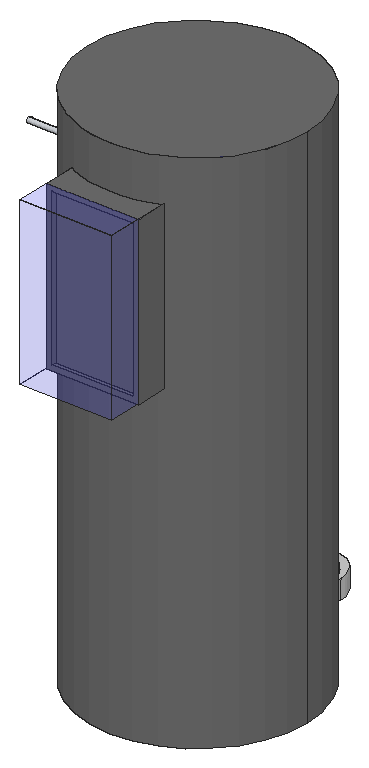
Revit family "REVIT-CONQ OUTDOOR 40-80-130", category Mechanical Equipment, Revit 2017
Family settings
  Round Connector Dimension = Use Radius
  Part Type = Normal
  OmniClass Number = 23.75.00.00
  OmniClass Title = Climate Control (HVAC)
  Work Plane-Based = No
  Always vertical = No
  Cut with Voids When Loaded = No
  Shared = No
  Room Calculation Point = No
Parameters (values of type "Conquest Condensing 40 L 130A-GCLMW")
  Weight Units = "lbs."
  OperatingWeight = "1800"
  Voltage = "120 V"
  Version = "1.0"
  URL = "www.pvi.com"
  TankRadius = TankDiameter / 2  # 16 13/16"
  TankHeight = 81"
  TankDiameter = 33 5/8"
  Storage Capacity = 3.6812 m³
  ReliefValveRadius = ReliefValve / 2  # 1/2"
  ReliefValveHeight = 61 3/4"
  ReliefValve = 1"
  Piping Material = Copper Pipe
  Phone Number = "(800) 784-8326"
  OmniClass Title = "Storage Water Heater"
  OmniClass Code = "23.65.35.11.11"
  Number of Poles = 1
  Normal = 90.00°
  Modeling Code = "ABO090507TAS1507ABC0905"
  Model Name [instance] = "Conquest Condensing 40 L 130A-GCLMW"
  Model = "40 L 130A-GCLMW"
  Mininum Flow Gas Pressure [instance] = "3.5\" W.C."
  Tank Casing = none
  Maximum Static Pressure = "14.0\" W.C."
  Manufacturer = "PVI Industries, LLC"
  Input Btu/h = 399000 Btu/h
  HotWaterOutletRadius = HotWaterOutlet / 2  # 1"
  HotWaterOutlet = 2"
  HotWaterCenterOffset = 10 1/4"
  HotWaterOutletLength = TankHeight + 1"  # 82"
  GasConnectionRadius = GasConnection / 2  # 3/8"
  GasConnectionToFront = 9 1/4"
  GasConnectionHeight = 74 3/8"
  GasConnectionExtension = 18 3/8"
  GasConnection = 3/4"
  GPH Recovery Rate at 70F to 140F = 657
  GPH Recovery Rate at 40F to 140F = 471
  Frequency = "60.00 Hz"
  FlueConnectionWallRadius = FlueConnectionRadius - 1/4"  # 3 1/16"
  FlueConnectionRadius = FlueConnection / 2  # 3 5/16"
  FlueConnection = 6 5/8"
  FlueBoxWidth = 9 1/2"
  FlueBoxConnectCenter = 21 1/2"
  EnclosureCoverExtension = TankRadius + 8 3/8"  # 25 3/16"
  ElectricalServiceConnectionRadius = 1/2"
  DrainPipeRadius = DrainValve / 2  # 1/2"
  DrainValve = 1"
  DrainHeight = 12"
  Description = "Conquest® Semi-Instantaneous Outdoor Condensing Water Heater"
  Current = "11.0 A"
  ControlPanelWidth = 14"
  ControlPanelLength = 8"
  ControlPanelHeight = 49"
  ControlEnclosureExtension = TankRadius + 3 1/4"  # 20 1/16"
  CondensateDrainCenterOffset = 6 1/8"
  CondensateDrainLengthOffset = 32"
  CondensateDrainHeight = 1 1/2"
  CondensateDrainConnectionRadius = CondensateDrain / 2  # 1/4"
  CondensateDrain = 1/2"
  HotOutletHeight = 76 3/8"
  HotOutletToRear = 0"
  BuildingReturnRadius = BuildingReturn / 2  # 1/2"
  ColdWaterReturnHeight = 46 1/2"
  ColdWaterInletRadius = ColdInlet / 2  # 1"
  ColdWaterInletExtension = TankRadius + 1"  # 17 13/16"
  ColdInlet = 2"
  ColdInletHeight = 12"
  BuildingReturnHeight = 46 1/2"
  BuildingReturnLength = TankRadius + 1"  # 17 13/16"
  BuildingReturn = 1"
  Assembly Code = "D3020100"
  Address = "Fort Worth, Texas"
Types (6): name | Model Name | Model | Input Btu/h | GasConnectionRadius | GasConnection | GPH Recovery Rate at 70F to 140F | GPH Recovery Rate at 40F to 140F
  (no name) | "Conquest Condensing 40 L 130A-GCLMW" | "40 L 130A-GCLMW" | 399000 Btu/h | 3/8" | 3/4" | 657 | 471
  Conquest Condensing 40 L 130A-GCLMW | "Conquest Condensing 40 L 130A-GCLMW" | "40 L 130A-GCLMW" | 399000 Btu/h | 3/8" | 3/4" | 657 | 471
  Conquest Condensing 50 L 130A-GCLMW | "Conquest Condensing 50 L 130A-GCLMW" | "50 L 130A-GCLMW" | 500000 Btu/h | 1/2" | 1" | 823 | 588
  Conquest Condensing 60 L 130A-GCLMW | "Conquest Condensing 60 L 130A-GCLMW" | "60 L 130A-GCLMW" | 600000 Btu/h | 1/2" | 1" | 988 | 699
  Conquest Condensing 70 L 130A-GCLMW | "Conquest Condensing 70 L 130A-GCLMW" | "70 L 130A-GCLMW" | 700000 Btu/h | 1/2" | 1" | 1152 | 815
  Conquest Condensing 80 L 130A-GCLMW | "Conquest Condensing 80 L 130A-GCLMW" | "80 L 130A-GCLMW" | 800000 Btu/h | 1/2" | 1" | 1317 | 932
Reference planes (in)
  plane 1 "Center (Front/Back)": y = 0
  plane 2: z = 0
  plane 3 "Center (Left/Right)": x = 0
  plane 4 "ReliefValveCenter": through (-13.68198, 23.60456, 48) normal (0.866, 0.5, 0)
  plane 5 "ColdWaterInletCenter": through (0.00256, 0.00444, 48) normal (-0.866, 0.5, 0)
  plane 6 "TankTop": z = 81
  plane 7 "ControlPanelHeight": z = 49
  plane 8 "FlueBoxHeight": z = 3.162
  plane 9 "CombustionAirCenter": y = 0
  plane 10: y = 0
  plane 11: y = 0
  plane 12 "BuildingReturn": z = 46.5
  plane 13 "CombustionAirHeight": z = 76.375
  plane 14: z = 0
  plane 15: z = 10
  plane 16 "CondensateDrainCenter": x = -6.125
  plane 17 "CondensateDrainHeight": z = 1.5
  plane 18: z = 3
  plane 19: z = 0
  plane 20: z = 3
  plane 21: z = 3
  plane 22: z = 0
  plane 23: z = 3
  plane 24: z = 3
  plane 25: z = 0
  plane 26: z = 3
  plane 27: z = 3
  plane 28: y = 32
  plane 29 "ControlPanelSide": x = 7
  plane 30: x = 0
  plane 31 "ControlPanelSide2": x = -7
  plane 32 "ColdWaterInletNormal": through (0.00455, 0.00033, 48) normal (0.5, 0.866, 0)
  plane 33 "ReliefValveHeight": z = 61.75
  plane 34 "ReliefValveNormal": through (0.00128, 0.00222, 48) normal (-0.5, 0.866, 0)
  plane 35: y = -20.0625
  plane 36 "ColdInletHeight": z = 12
  plane 37: z = 12
  plane 38 "GasConnectionToFront": y = -9.25
  plane 39: x = -18.375
  plane 40: z = 74.375
Forms (in)
  Extrusion 1, solid, material "Default"
    sketch origin (0, 0, 0) x (1, 0, 0) y (0, 1, 0)
      loop
        circle (0, 0.01519) r 16.8125
    from 0 to 81 <- "TankHeight"
  Extrusion 2, solid
    sketch origin (-17.39062, 0, 0) x (0, 1, 0) y (0, 0, 1)
      loop
        circle (0, 76.375) r 1
    from 0 to 17.39062
  Extrusion 3, solid, material "Default"
    sketch origin (0, 0, 3.162) x (-1, 0, 0) y (0, -1, 0)
      loop
        line (4.75, 0) -> (-4.75, 0) -> (-4.75, -21.5)
        arc (-4.75, -21.5) -> (0, -26.25) -> (4.75, -21.5) r 4.75
        line (4.75, -21.5) -> (4.75, 0)
    from 0 to 2.95313
  Extrusion 4, solid
    sketch origin (137.31116, 0, 10) x (1, 0, 0) y (0, 1, 0)
      loop
        circle (-137.31116, 21.5) r 3.3125
    from 0 to -3.88487
  Extrusion 5, solid, material "Default"
    sketch origin (0, 0, 0) x (1, 0, 0) y (0, 0, 1)
      loop
        circle (-6.125, 1.5) r 0.375
    from 0 to -32
  Extrusion 6, void
    sketch origin (0, 32, 0) x (1, 0, 0) y (0, 0, 1)
      loop
        circle (-6.125, 1.5) r 0.375
      loop
        circle (-6.125, 1.5) r 0.25
    from 0 to 1.5
  Extrusion 7, solid, material "Default"
    sketch origin (-7, 1.35792, 0) x (0, 1, 0) y (0, 0, 1)
      loop
        line (3.70458, 49) -> (3.70458, 74.37458) -> (-21.42042, 74.37458) -> (-21.42042, 49) -> (3.70458, 49)
    from 0 to 14
  Extrusion 8, solid, material "Default"
    sketch origin (0.00128, 0.00222, 0) x (-0.866025, 0.5, 0) y (0, 0, 1)
      loop
        circle (0, 12) r 1
    from 0 to 17.8125 <- "ColdWaterInletExtension"
  Extrusion 9, solid, material "Copper Pipe" <- "Piping Material"
    sketch origin (-0.00064, 0.00111, -0.14844) x (-0.866025, -0.5, 0) y (0, 0, 1)
      loop
        circle (0, 61.89844) r 0.5
    from 0 to 22.40234
  Extrusion 10, solid
    sketch origin (-0.00064, 0.00111, 0) x (-0.866025, -0.5, 0) y (0, 0, 1)
      loop
        circle (0, 12) r 0.5
    from 0 to 19.36328
  Extrusion 11, void
    sketch origin (-0.03469, 1.8679, 49) x (-1, 0, 0) y (0, -1, 0)
      loop
        circle (-0.03469, 21.1804) r 0.5
    from -0.41465 to 0
  Extrusion 12, void
    sketch origin (-7, -20.0625, 49) x (0, 0, -1) y (-1, 0, 0)
      loop
        line (-24.62458, -13.25) -> (-0.75, -13.25) -> (-0.75, -0.75) -> (-24.62458, -0.75) -> (-24.62458, -13.25)
    from 0 to 0.75
  Extrusion 13, void
    sketch origin (137.31116, 0, 10) x (0, 1, 0) y (1, 0, 0)
      loop
        circle (21.5, -137.31116) r 3.0625
    from 0 to 3.88487
  Extrusion 14, solid, material "Default"
    sketch origin (0.00064, 0.00111, 0) x (-0.866025, 0.5, 0) y (0, 0, 1)
      loop
        circle (0, 46.5) r 0.5
    from 0 to 17.81378
  Sweep 15, solid
    path in 3D
      loop
        line (0, -9.25, 74.375) -> (-18.375, -9.25, 74.375)
    profile origin (-9.1875, -9.25, 74.375) x (0, 0, -1) y (0, -1, 0)
      loop
        circle (0, 0) r 0.375
  Extrusion 16, solid
    sketch origin (0, 0, 0) x (1, 0, 0) y (0, 0, 1)
      loop
        line (7, 74.37458) -> (-7, 74.37458) -> (-7, 49) -> (7, 49) -> (7, 74.37458)
    from 0 to 25.1875
Cuts and joins
  Extrusion 13 cuts Extrusion 4
  Extrusion 6 cuts Extrusion 5
  Extrusion 12 cuts Extrusion 7
  joined: Extrusion 1, Extrusion 3, Extrusion 5, Extrusion 7, Extrusion 8, Extrusion 14
Lines and regions (in)
  model lines
    curve 1: line (0, -9.25, 74.375) -> (-18.375, -9.25, 74.375)
  sketch lines
    curve 2: line (0, -9.25, 74.375) -> (-18.375, -9.25, 74.375)
Dimensions and locks (in)
  "TankHeight": level to plane 6 "TankTop"
  "ControlPanelHeight": plane 7 "ControlPanelHeight" to level
  "BuildingReturnHeight": plane 12 "BuildingReturn" to level
  "HotOutletHeight": plane 13 "CombustionAirHeight" to level
  equal spacing: Extrusion 3 sketch curve, plane 3 "Center (Left/Right)", Extrusion 3 sketch curve
  "FlueBoxWidth": Extrusion 3 sketch curve to Extrusion 3 sketch curve
  "FlueBoxConnectCenter": plane 11 to Extrusion 3 sketch curve
  level to plane 15 = 10"
  "FlueBoxConnectCenter": plane 11 to Extrusion 4 sketch curve
  "CondensateDrainHeight": level to plane 17 "CondensateDrainHeight"
  "CondensateDrainLengthOffset": plane 11 to plane 28
  equal spacing: plane 31 "ControlPanelSide2", plane 30, plane 29 "ControlPanelSide"
  "ControlPanelWidth": plane 31 "ControlPanelSide2" to plane 29 "ControlPanelSide"
  Extrusion 7 sketch curve to Extrusion 7 sketch curve = 25 1/8"
  "ReliefValveHeight": plane 33 "ReliefValveHeight" to level
  "FlueBoxConnectCenter": plane 11 to Extrusion 13 sketch curve
  "BuildingReturnLength": plane 32 "ColdWaterInletNormal" to Extrusion 14
  "HotOutletToRear": plane 9 "CombustionAirCenter" to plane 1 "Center (Front/Back)"
  "CondensateDrainCenterOffset": plane 16 "CondensateDrainCenter" to plane 3 "Center (Left/Right)"
  plane 1 "Center (Front/Back)" to Extrusion 7 = 20 1/16"
  "ControlEnclosureExtension": plane 35 to plane 1 "Center (Front/Back)"
  "ColdInletHeight": plane 36 "ColdInletHeight" to plane 25
  "DrainHeight": plane 37 to plane 25
  "HotOutletHeight": plane 13 "CombustionAirHeight" to plane 25
  "GasConnectionToFront": plane 38 "GasConnectionToFront" to plane 1 "Center (Front/Back)"
  "GasConnectionExtension": plane 39 to plane 3 "Center (Left/Right)"
  "GasConnectionHeight": plane 40 to plane 25
  "EnclosureCoverExtension": Extrusion 16 to plane 1 "Center (Front/Back)"
  "TankRadius": radius of Extrusion 1 sketch curve
  "FlueConnectionRadius": radius of Extrusion 4 sketch curve
  "CondensateDrainConnectionRadius": radius of Extrusion 6 sketch curve
  "ColdWaterInletRadius": radius of Extrusion 8 sketch curve
  "ReliefValveRadius": radius of Extrusion 9 sketch curve
  "DrainPipeRadius": radius of Extrusion 10 sketch curve
  "ElectricalServiceConnectionRadius": radius of Extrusion 11 sketch curve
  "FlueConnectionWallRadius": radius of Extrusion 13 sketch curve
  "BuildingReturnRadius": radius of Extrusion 14 sketch curve
  "HotWaterOutletRadius": radius of Extrusion 2 sketch curve
  "GasConnectionRadius": radius of Sweep 15 sketch curve
  locked: plane 32 "ColdWaterInletNormal" to plane 5 "ColdWaterInletCenter" (angle 90.00°)
  "Normal": angle plane 4 "ReliefValveCenter" to plane 34 "ReliefValveNormal"
  aligned and locked: level to plane 2
  aligned and locked: Extrusion 4 to Extrusion 3
  aligned and locked: Extrusion 5 to plane 28
  aligned and locked: Extrusion 6 sketch curve to Extrusion 5
  aligned and locked: Extrusion 7 sketch curve to plane 7 "ControlPanelHeight"
  aligned and locked: plane 29 "ControlPanelSide" to Extrusion 7
  aligned and locked: Extrusion 7 to plane 31 "ControlPanelSide2"
  aligned and locked: Extrusion 9 to plane 34 "ReliefValveNormal"
  aligned and locked: plane 33 "ReliefValveHeight" to Extrusion 9
  aligned and locked: plane 3 "Center (Left/Right)" to plane 30
  aligned and locked: plane 15 to cut or joined group of Extrusion 4, Extrusion 13
  aligned and locked: cut or joined group of Extrusion 4, Extrusion 13 to Extrusion 3
  aligned and locked: Extrusion 8 to plane 32 "ColdWaterInletNormal"
  aligned and locked: plane 35 to cut or joined group 1 (Extrusion 1, Extrusion 3, Extrusion 5, Extrusion 6, Extrusion 7, Extrusion 8, Extrusion 12, Extrusion 14)
  aligned and locked: plane 7 "ControlPanelHeight" to Extrusion 11
  aligned and locked: cut or joined group 1 to Extrusion 11 sketch curve
  aligned and locked: plane 36 "ColdInletHeight" to Extrusion 8 sketch curve
  aligned and locked: plane 37 to Extrusion 10 sketch curve
Automatic sketch dimensions
  Extrusion 5 sketch curve to plane 16 "CondensateDrainCenter" = 0"
  Extrusion 5 sketch curve to plane 17 "CondensateDrainHeight" = 0"
  Extrusion 12 sketch curve to Extrusion 7 = 3/4"  (x4)
  Extrusion 7 sketch curve to plane 13 "CombustionAirHeight" = 2.00042"
  Extrusion 7 sketch curve to Extrusion 7 sketch curve = 0"
  Extrusion 7 sketch curve to plane 35 = 0"
  plane 4 "ReliefValveCenter" to Extrusion 10 sketch curve = 0.04666"
  curve 1 to plane 39 = 0"
  curve 1 to plane 3 "Center (Left/Right)" = 0"
  curve 1 to plane 40 = 0"
  Sweep 15 sketch curve to profile plane = 0"  (x2)
  Extrusion 16 sketch curve to plane 31 "ControlPanelSide2" = 0"
  plane 29 "ControlPanelSide" to Extrusion 16 sketch curve = 0"
  Extrusion 16 sketch curve to plane 7 "ControlPanelHeight" = 0"
  Extrusion 16 sketch curve to plane 40 = 0.00042"
  Extrusion 1 sketch curve to plane 3 "Center (Left/Right)" = 0"
  Extrusion 1 sketch curve to plane 1 "Center (Front/Back)" = 0.01519"
  Extrusion 2 sketch curve to plane 1 "Center (Front/Back)" = 0"
  Extrusion 2 sketch curve to plane 13 "CombustionAirHeight" = 0"
  plane 1 "Center (Front/Back)" to Extrusion 3 sketch curve = 0"
  Extrusion 4 sketch curve to plane 3 "Center (Left/Right)" = 0"
  Extrusion 6 sketch curve to Extrusion 6 sketch curve = 0"  (x2)
  Extrusion 8 sketch curve to plane 5 "ColdWaterInletCenter" = 0"
  plane 33 "ReliefValveHeight" to Extrusion 9 sketch curve = 0"
  plane 4 "ReliefValveCenter" to Extrusion 9 sketch curve = 0.04666"
  Extrusion 11 sketch curve to plane 3 "Center (Left/Right)" = 0"
  Extrusion 13 sketch curve to plane 3 "Center (Left/Right)" = 0"
  Extrusion 14 sketch curve to plane 5 "ColdWaterInletCenter" = 0"
  plane 12 "BuildingReturn" to Extrusion 14 sketch curve = 0"
  radius of Extrusion 5 sketch curve = 3/8"
Connectors (in)
  hvac at (0, 21.5, 10), driven by "FlueConnectionRadius"
    settings: on Extrusion 4, index 15, duct flow 0 CFM, flow factor 0, pres drop 0.00 in-wg, loss coef 0, conn angle 0.00°, conn width 12", conn height 12", conn diameter 6 5/8", duct sys type 3, conn prof type 0, flow config 0, flow direction 2, loss method 0, conn ref index -1, conn util no, is conn primary yes, conn desc "VentConnection"
  piping at (-9.68228, 16.7702, 12), diameter 1, driven by "DrainPipeRadius"
    settings: on Extrusion 10, index 17, connector inside diameter 1", connector length 0", flow factor 0, pipe flow 0 GPM, pressure drop 0.00 psi, fitting loss kfactor 0, connector angle 0.00°, fixture units 0, engagement length 0", angle of deflection 0.00°, flow configuration 0, flow direction 2, fitting loss method 0, system type 16, joint type 0, gender type 0, connector reference index -1, connector utility 0, adjustable connector no, is connector primary yes, connector description "DrainValve"
  piping at (-11.20181, 19.40211, 61.75), diameter 1, driven by "ReliefValveRadius"
    settings: on Extrusion 9, index 18, connector inside diameter 1", connector length 0", flow factor 0, pipe flow 0 GPM, pressure drop 0.00 psi, fitting loss kfactor 0, connector angle 0.00°, fixture units 0, engagement length 0", angle of deflection 0.00°, flow configuration 0, flow direction 2, fitting loss method 0, system type 16, joint type 0, gender type 0, connector reference index -1, connector utility 0, adjustable connector no, is connector primary no, connector description "ReliefValve"
  electrical at (0, -19.3125, 48.58535)
    settings: on Extrusion 11, index 21, voltage 120 V, apparent load 0 VA, apparent load phase1 11 VA, apparent load phase2 0 VA, apparent load phase3 0 VA, power factor 1, load classification "Other", number of poles 1, system type 31, power factor state 1, is connector primary yes, connector utility no, sub classification motor no, connector description "Electrical Service"
  piping at (8.90753, 15.4283, 12), diameter 2, driven by "ColdWaterInletRadius"
    settings: on Extrusion 8, index 22, connector inside diameter 24", connector length 0", flow factor 0, pipe flow 0 GPM, pressure drop 0.00 psi, fitting loss kfactor 0, connector angle 0.00°, fixture units 0, engagement length 0", angle of deflection 0.00°, flow configuration 0, flow direction 1, fitting loss method 0, system type 20, joint type 0, gender type 0, connector reference index -1, connector utility 0, adjustable connector no, is connector primary no, connector description "ColdInlet"
  piping at (8.90753, 15.4283, 46.5), diameter 1, driven by "BuildingReturnRadius"
    settings: on Extrusion 14, index 24, connector inside diameter 24", connector length 0", flow factor 0, pipe flow 0 GPM, pressure drop 0.00 psi, fitting loss kfactor 0, connector angle 0.00°, fixture units 0, engagement length 0", angle of deflection 0.00°, flow configuration 0, flow direction 1, fitting loss method 0, system type 22, joint type 0, gender type 0, connector reference index -1, connector utility 0, adjustable connector no, is connector primary no, connector description "BuildingReturn"
  piping at (-17.39062, 0, 76.375), diameter 2, driven by "HotWaterOutletRadius"
    settings: on Extrusion 2, index 27, connector inside diameter 24", connector length 0", flow factor 0, pipe flow 0 GPM, pressure drop 0.00 psi, fitting loss kfactor 0, connector angle 0.00°, fixture units 0, engagement length 0", angle of deflection 0.00°, flow configuration 0, flow direction 2, fitting loss method 0, system type 19, joint type 0, gender type 0, connector reference index -1, connector utility 0, adjustable connector no, is connector primary no, connector description "HotWaterOutlet"
  piping at (-18.375, -9.25, 74.375), diameter 0.75, driven by "GasConnectionRadius"
    settings: on Sweep 15, index 28, connector inside diameter 24", connector length 0", flow factor 0, pipe flow 0 GPM, pressure drop 0.00 psi, fitting loss kfactor 0, connector angle 0.00°, fixture units 0, engagement length 0", angle of deflection 0.00°, flow configuration 0, flow direction 1, fitting loss method 0, system type 22, joint type 0, gender type 0, connector reference index -1, connector utility 0, adjustable connector no, is connector primary no, connector description "GasConnectionInlet"
  piping at (-6.125, 32, 1.5), diameter 0.5, driven by "CondensateDrainConnectionRadius"
    settings: on cut or joined group 1, index 29, connector inside diameter 24", connector length 0", flow factor 0, pipe flow 0 GPM, pressure drop 0.00 psi, fitting loss kfactor 0, connector angle 0.00°, fixture units 0, engagement length 0", angle of deflection 0.00°, flow configuration 0, flow direction 2, fitting loss method 0, system type 16, joint type 0, gender type 0, connector reference index -1, connector utility 0, adjustable connector no, is connector primary no, connector description "CondensateDrain"
